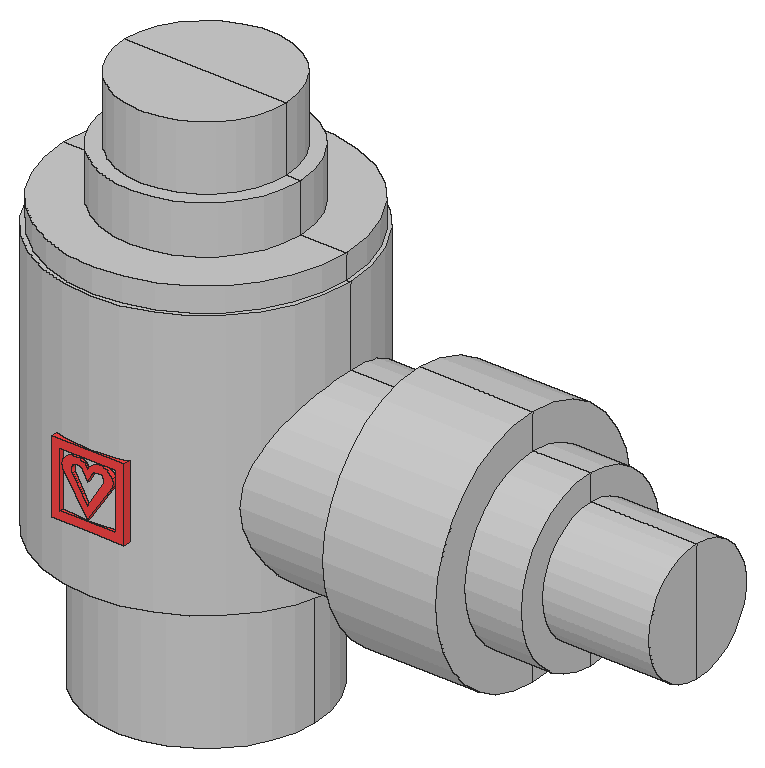
Revit family "RL-1-E Return Valve Angle Model 3724", category Rohrzubehör, Revit 2021
Family settings
  Bemaßung runder Anschluss = Durchmesser verwenden
  Teiletyp = Unterbricht
  OmniClass-Nummer = 23.65.55.14
  OmniClass-Titel = Valves for Liquid Services
  Arbeitsebenenbasiert = Nein
  Immer vertikal = Nein
  Beim Laden mit Abzugskörper schneiden = Nein
  Gemeinsam genutzt = Nein
Parameters
  W01 = 120.00°  # constant formula
  Vorgabe-Ansicht = 0.000 mm
  URL = "www.herzvalves.com"
  SCRNSEQ = "ARM;ARM_TYP=\"ALLF\";2"
  SCRNCODE = "05;01;02"  # constant formula
  S04 = 45.000 mm  # constant formula
  S03 [instance] = H02 - 5.000 mm + 41.000 mm  # 57.500 mm
  S02 [instance] = L04 + L03 - L02  # 26.800 mm
  S01 = 10.000 mm  # constant formula
  R04 = 10.000 mm  # constant formula
  R03 = 11.750 mm  # constant formula
  R02 = 17.500 mm  # constant formula
  Part number [instance] = size_lookup("3724_1E_", "Artnr", 0, Nennweite)  # 1372401
  Nennweite [instance] = 15.000 mm
  Model = "Standard models with nickel-plated threaded sockets."
  Medium = "Hot water purity according to ÖNORM H 5195 and/or VDI guideline 2035"
  Max. operating temperature = 110 °C  # constant formula
  Max. operating pressure = 1000000.0 Pa  # constant formula
  LO1 [instance] = R01 - 0.500 mm  # 17.500 mm
  L05 = 19.500 mm  # constant formula
  L04 [instance] = size_lookup("3724_1E_", "L4", 1.000 mm, Nennweite)  # 20.300 mm
  L03 [instance] = size_lookup("3724_1E_", "L3", 1.000 mm, Nennweite)  # 14.000 mm
  L02 [instance] = size_lookup("3724_1E_", "L2", 1.000 mm, Nennweite)  # 7.500 mm
  L01 [instance] = size_lookup("3724_1E_", "L1", 1.000 mm, Nennweite)  # 34.000 mm
  Hersteller = "HERZ Armaturen Ges.m.b.H."  # constant formula
  H06 = 14.000 mm  # constant formula
  H05 = 8.000 mm  # constant formula
  H04 = 17.000 mm  # constant formula
  H03 [instance] = H01 - D03  # 17.250 mm
  H02 [instance] = size_lookup("3724_1E_", "H2", 1.000 mm, Nennweite) - 5.000 mm  # 21.500 mm
  H01 [instance] = size_lookup("3724_1E_", "H1", 1.000 mm, Nennweite)  # 29.000 mm
  GT1 [instance] = size_lookup("3724_1E_", "GT1", 1.000 mm, Nennweite)  # 13.200 mm
  GT [instance] = size_lookup("3724_1E_", "GT", 1.000 mm, Nennweite)  # 12.300 mm
  G2 [instance] = Nennweite / 2  # 7.500 mm
  G1 [instance] = Nennweite / 2  # 7.500 mm
  R01 = 18.000 mm  # constant formula
  D05 [instance] = size_lookup("3724_1E_", "D5", 1.000 mm, Nennweite)  # 10.650 mm
  D04 [instance] = size_lookup("3724_1E_", "D4", 1.000 mm, Nennweite)  # 15.000 mm
  D03 [instance] = size_lookup("3724_1E_", "D3", 1.000 mm, Nennweite)  # 11.750 mm
  D02 [instance] = size_lookup("3724_1E_", "D2", 1.000 mm, Nennweite)  # 9.525 mm
  D01 [instance] = size_lookup("3724_1E_", "D1", 1.000 mm, Nennweite)  # 13.500 mm
  Body = "nickel-plated"  # constant formula
  Application = "Water Heating Systems\r\nInstallation of the return valve permits shutting off the return connection of the radiator.\r\nWhen the intake valve is shut at the same time, the radiator can be removed while the system is under pressure."
Reference planes
  plane 1 "Mitte (Vorne/hinten)": y = 0
  plane 2: z = 0
  plane 3 "Mitte (Links/rechts)": x = 0
Forms (mm)
  Revolve 1, solid, material "Messing, weicher Gelbton, geschweißt", detail levels fine
    sketch origin (0, 0, 0) x (1, 0, 0) y (0, 0, 1)
      loop
        line (0, 21.5) -> (-18, 21.5) -> (-18, -11.75) -> (-13.5, -11.75) -> (-13.5, -29) -> (-7.5, -29) -> (-7.5, -16.7) -> (0, -16.7) -> (0, 21.5)
      axis (0, 21.5) -> (0, -29)
    angle from 0 to 360
  Revolve 2, solid, material "Messing, weicher Gelbton, geschweißt", detail levels fine
    sketch origin (0, 0, 0) x (1, 0, 0) y (0, 0, 1)
      loop
        line (34, 0) -> (34, 9.525) -> (26.5, 9.525) -> (26.5, 11.75) -> (0, 11.75) -> (0, 0) -> (34, 0)
      axis (0, 0) -> (34, 0)
    angle from 0 to 360
  Revolve 3, solid, material "Messing, weicher Gelbton, geschweißt", detail levels fine
    sketch origin (-1, 0, 0) x (1, 0, 0) y (0, 0, 1)
      loop
        line (35, 0) -> (61.8, 0) -> (61.8, 7.5) -> (48.6, 7.5) -> (48.6, 10.65) -> (41.5, 10.65) -> (41.5, 15) -> (27.5, 15) -> (27.5, 9.525) -> (35, 9.525) -> (35, 0)
      axis (27.5, 0) -> (61.8, 0)
    angle from 0 to 360
  Revolve 4, solid, material "Messing, weicher Gelbton, geschweißt", detail levels fine
    sketch origin (0, 0, 0) x (1, 0, 0) y (0, 0, 1)
      loop
        line (0, 21.5) -> (0, 38.5) -> (-10, 38.5) -> (-10, 30.5) -> (-11.75, 30.5) -> (-11.75, 24.5) -> (-17.5, 24.5) -> (-17.5, 21.5) -> (0, 21.5)
      axis (0, 38.5) -> (0, 21.5)
    angle from 0 to 360
Lines and regions (mm)
  model lines, detail levels coarse+medium
    curve 1: line (0, 0, 0) -> (13.5, 0, -29)
    curve 2: line (13.5, 0, -29) -> (-13.5, 0, -29)
    curve 3: line (-13.5, 0, -29) -> (0, 0, 0)
    curve 4: line (0, 0, 0) -> (34, 0, 15)
    curve 5: line (34, 0, 15) -> (34, 0, -15)
    curve 6: line (34, 0, -15) -> (0, 0, 0)
    curve 7: line (34, 0, 15) -> (44, 0, 15)
    curve 8: line (44, 0, 15) -> (34, 0, 0)
    curve 9: line (34, 0, -15) -> (44, 0, -15)
    curve 10: line (44, 0, -15) -> (34, 0, 0)
    curve 11: line (34, 0, 0) -> (60.8, 0, 0)
    curve 12: line (0, 0, 0) -> (13.5, -29, 0)
    curve 13: line (13.5, -29, 0) -> (-13.5, -29, 0)
    curve 14: line (-13.5, -29, 0) -> (0, 0, 0)
    curve 15: line (0, 0, 0) -> (34, 15, 0)
    curve 16: line (34, 15, 0) -> (34, -15, 0)
    curve 17: line (34, -15, 0) -> (0, 0, 0)
    curve 18: line (34, 15, 0) -> (44, 15, 0)
    curve 19: line (44, 15, 0) -> (34, 0, 0)
    curve 20: line (34, -15, 0) -> (44, -15, 0)
    curve 21: line (34, 0, 0) -> (44, -15, 0)
Dimensions and locks
  "H02": Revolve 1 sketch curve to plane 2
  "H01": plane 2 to Revolve 1 sketch curve
  "R01": Revolve 1 sketch curve to Revolve 1 sketch curve
  "G1": Revolve 1 sketch curve to Revolve 1 sketch curve
  "D01": Revolve 1 sketch curve to Revolve 1 sketch curve
  "GT": Revolve 1 sketch curve to Revolve 1 sketch curve
  "H03": Revolve 1 sketch curve to Revolve 1 sketch curve
  "L02": Revolve 2 sketch curve to Revolve 2 sketch curve
  "LO1": nested 1 to plane 1 "Mitte (Vorne/hinten)"
  "L02": Revolve 3 sketch curve to Revolve 3 sketch curve
  "L03": Revolve 3 sketch curve to Revolve 3 sketch curve
  "L04": Revolve 3 sketch curve to Revolve 3 sketch curve
  "D04": Revolve 3 sketch curve to Revolve 3 sketch curve
  "G2": Revolve 3 sketch curve to Revolve 3 sketch curve
  "D05": Revolve 3 sketch curve to Revolve 3 sketch curve
  "GT1": Revolve 3 sketch curve to Revolve 3 sketch curve
  "L01": plane 3 "Mitte (Links/rechts)" to Revolve 3 sketch curve
  "D02": Revolve 3 sketch curve to plane 2
  "H01": plane 2 to curve 2
  "L01": curve 5 to plane 3 "Mitte (Links/rechts)"
  "D01": curve 2 to plane 3 "Mitte (Links/rechts)" to curve 3
  "D04": curve 5 to plane 2 to curve 6
  "S01": curve 5 to curve 8
  "S01": curve 5 to curve 10
  "S02": curve 11 to curve 11
  "H01": curve 13 to plane 1 "Mitte (Vorne/hinten)"
  "D01": curve 14 to plane 3 "Mitte (Links/rechts)" to curve 13
  "L01": plane 3 "Mitte (Links/rechts)" to curve 16
  "D04": curve 17 to plane 1 "Mitte (Vorne/hinten)" to curve 16
  "S01": curve 16 to curve 19
  "S01": curve 16 to curve 21
  "L01": Revolve 2 sketch curve to plane 3 "Mitte (Links/rechts)"
  "D03": Revolve 2 sketch curve to plane 2
  "D02": Revolve 2 sketch curve to plane 2
  "H02": Revolve 4 sketch curve to plane 2
  "H04": Revolve 4 sketch curve to Revolve 4 sketch curve
  "H05": Revolve 4 sketch curve to Revolve 4 sketch curve
  "H06": Revolve 4 sketch curve to Revolve 4 sketch curve
  "R04": Revolve 4 sketch curve to Revolve 4 sketch curve
  "R03": Revolve 4 sketch curve to Revolve 4 sketch curve
  "R02": Revolve 4 sketch curve to Revolve 4 sketch curve
  aligned and locked: level to plane 2
Automatic sketch dimensions
  curve 4 to level = 0.000 mm
  curve 4 to plane 3 "Mitte (Links/rechts)" = 0.000 mm
  curve 11 to level = 0.000 mm
  curve 8 to level = 0.000 mm
  plane 1 "Mitte (Vorne/hinten)" to curve 14 = 0.000 mm
  curve 14 to plane 3 "Mitte (Links/rechts)" = 0.000 mm
  plane 1 "Mitte (Vorne/hinten)" to curve 19 = 0.000 mm
  Revolve 1 sketch curve to plane 3 "Mitte (Links/rechts)" = 0.000 mm  (x2)
  Revolve 1 sketch curve to Revolve 1 sketch curve = 345.545 mm
  Revolve 1 sketch curve to Revolve 1 sketch curve = 2189.815 mm
  Revolve 2 sketch curve to level = 0.000 mm  (x2)
  Revolve 2 sketch curve to plane 3 "Mitte (Links/rechts)" = 0.000 mm
  Revolve 2 sketch curve to plane 3 "Mitte (Links/rechts)" = 1506.530 mm
  Revolve 2 sketch curve to Revolve 2 sketch curve = 1815.148 mm
  Revolve 3 sketch curve to level = 0.000 mm  (x2)
  Revolve 3 sketch curve to plane 3 "Mitte (Links/rechts)" = 1507.530 mm
  Revolve 3 sketch curve to Revolve 3 sketch curve = 1789.648 mm
  Revolve 4 sketch curve to plane 3 "Mitte (Links/rechts)" = 0.000 mm  (x2)
  Revolve 4 sketch curve to level = 366.045 mm
  Revolve 4 sketch curve to Revolve 4 sketch curve = 2164.815 mm
Nested families
  nested 1: "Herz-Logo-vorne" at (0, -17.5, 0) x (0, -1, 0) z (0, 0, 1), type "Herz-Logo-vorne", detail levels fine
Connectors
  piping at (0, 0, -16.7), diameter 15, driven by "Nennweite"
    settings: on Revolve 1, index 1, connector inside diameter 609.6 mm, connector length 0.000 mm, flow factor 0, pipe flow 0.0 L/s, pressure drop 0.0 Pa, fitting loss kfactor 0, connector angle 0.00°, fixture units 0, engagement length 0.000 mm, angle of deflection 0.00°, flow configuration 0, flow direction 1, fitting loss method 0, system type 8, joint type 0, gender type 0, connector reference index -1, connector utility 0, adjustable connector no, is connector primary yes, connector description ""
  piping at (60.8, 0, 0), diameter 15, driven by "Nennweite"
    settings: on Revolve 3, index 2, connector inside diameter 609.6 mm, connector length 0.000 mm, flow factor 0, pipe flow 0.0 L/s, pressure drop 0.0 Pa, fitting loss kfactor 0, connector angle 0.00°, fixture units 0, engagement length 0.000 mm, angle of deflection 0.00°, flow configuration 0, flow direction 2, fitting loss method 0, system type 8, joint type 0, gender type 0, connector reference index -1, connector utility 0, adjustable connector no, is connector primary no, connector description ""
Definition of nested family "Herz-Logo-vorne"
  Parameters (values of type "Herz-Logo-vorne")
    Default Elevation = 0.000 mm
  Reference planes
    plane 1 "Mitte (Vorne/hinten)": y = 0
    plane 2: z = 0
    plane 3 "Mitte (Links/rechts)": x = 0
  Forms (mm)
    Extrusion 1, solid
      sketch origin (0.732, -0.018, 0.017) x (0, -1, 0) y (0, 0, 1)
        loop
          line (-0.018, -4.517) -> (4.482, -4.517) -> (4.482, 4.483) -> (-4.518, 4.483) -> (-4.518, -4.517) -> (-0.018, -4.517)
        loop
          line (-0.05, -3.48) -> (3.482, -3.48) -> (3.482, 3.483) -> (-3.518, 3.483) -> (-3.518, -3.48) -> (-0.05, -3.48)
        loop
          arc (-0.018, 2.383) -> (-1.543, 3.287) -> (-3.067, 2.383) r 1.738
          arc (-3.067, 2.383) -> (-3.191, 1.899) -> (-3.067, 1.415) r 1.009
          line (-3.067, 1.415) -> (-0.018, -3.281) -> (3.032, 1.415)
          arc (3.032, 1.415) -> (3.156, 1.899) -> (3.032, 2.383) r 1.009
          arc (3.032, 2.383) -> (1.507, 3.287) -> (-0.018, 2.383) r 1.738
        loop
          arc (1.885, 1.272) -> (2.005, 1.675) -> (1.885, 2.079) r 0.74
          arc (1.885, 2.079) -> (1.265, 2.416) -> (0.644, 2.079) r 0.74
          line (0.644, 2.079) -> (-0.018, 0.97) -> (-0.679, 2.079)
          arc (-0.679, 2.079) -> (-1.3, 2.416) -> (-1.921, 2.079) r 0.74
          arc (-1.921, 2.079) -> (-2.04, 1.675) -> (-1.921, 1.272) r 0.74
          line (-1.921, 1.272) -> (-0.018, -1.658) -> (1.885, 1.272)
      from 0 to 1.5
  Dimensions and locks
    aligned and locked: level to plane 2
